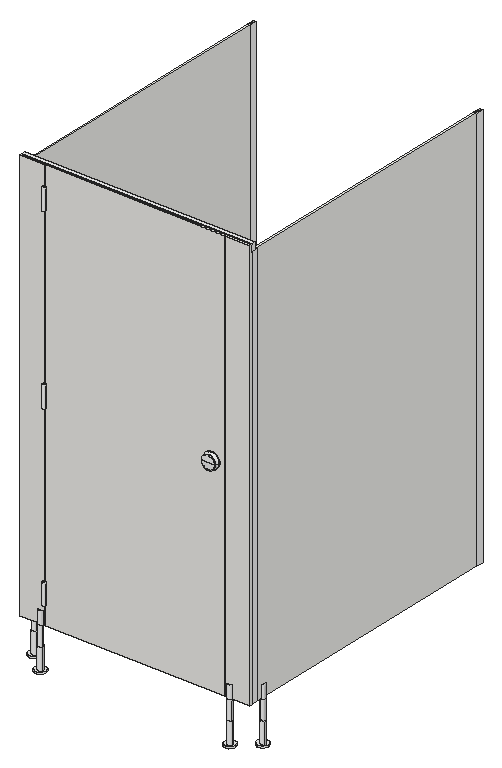
Revit family "Alsanit - Kabiny sanitarne PERSEI - HPL", category Doors, Revit 2020 (continued)
Definition of nested family "front"
  Forms (mm)
    Revolve 3, solid, material <- "Materiał okuć", visible <- "Drzwi zewnętrzne", detail levels fine
      sketch origin (-489.895, -19, 1200) x (-1, 0, 0) y (0, 0, 1)
        loop
          line (-32.895, -43.25) -> (-39.895, -43.25) -> (-39.895, -136.75) -> (-32.895, -136.75) -> (-32.895, -43.25)
        loop
          line (-32.895, -833.25) -> (-39.895, -833.25) -> (-39.895, -926.75) -> (-32.895, -926.75) -> (-32.895, -833.25)
        loop
          line (-32.895, 746.75) -> (-39.895, 746.75) -> (-39.895, 653.25) -> (-32.895, 653.25) -> (-32.895, 746.75)
        axis (-39.895, 746.75) -> (-39.895, -926.75)
      angle from 0 to 360
    Revolve 4, solid, material <- "Materiał okuć", detail levels fine
      sketch origin (0, 0, 1110) x (1, 0, 0) y (0, 1, 0)
        loop
          line (393, 0) -> (427.5, 0)
          arc (427.5, 0) -> (427.854, 0.146) -> (428, 0.5) r 0.5
          line (428, 0.5) -> (428, 1.573)
          arc (428, 1.573) -> (427.926, 1.96) -> (427.715, 2.292) r 1.052
          arc (427.715, 2.292) -> (425.25, 6.533) -> (424.895, 11.425) r 10.896
          arc (424.895, 11.425) -> (424.781, 11.826) -> (424.402, 12) r 0.499
          line (424.402, 12) -> (393, 12) -> (393, 0)
        axis (393, 12) -> (393, 0)
      angle from 0 to 360
    Sweep 5, solid, material <- "Materiał okuć", detail levels fine
      path origin (366, -1524, 1110) x (-1, 0, 0) y (0, -1, 0)
        loop
          line (-84, -1533) -> (-84, -1538)
      profile origin (450, 11.5, 1110) x (-1, 0, 0) y (0, 0, 1)
        loop
          line (48.128, 23.373) -> (-4.314, 8.829)
          arc (-4.314, 8.829) -> (-11.028, 0) -> (-4.314, -8.829) r 9.162
          line (-4.314, -8.829) -> (48.128, -23.373)
          arc (48.128, -23.373) -> (82, 0) -> (48.128, 23.373) r 25
    Extrusion 6, solid, material <- "Materiał okuć", detail levels fine
      sketch origin (0, 0, 0) x (1, 0, 0) y (0, 0, 1)
        loop
          line (-9.496, 1782.645) -> (-9.496, 1777.392) -> (9.496, 1777.392) -> (9.496, 1782.645)
          arc (9.496, 1782.645) -> (4.682, 1788.517) -> (5.976, 1795.998) r 9.126
          arc (5.976, 1795.998) -> (0, 1807.33) -> (-5.976, 1795.998) r 7.241
          arc (-5.976, 1795.998) -> (-4.682, 1788.517) -> (-9.496, 1782.645) r 9.126
      from -9 to 0
    Extrusion 7, solid, material <- "Materiał okuć", detail levels fine
      sketch origin (42.235, -68.236, -0.053) x (-0.601815, 0.798636, 0) y (0, 0, -1)
        loop
          arc (104.856, -1789.865) -> (110.41, -1793.768) -> (114.787, -1788.58) r 5.027
          arc (114.787, -1788.58) -> (112.823, -1783.23) -> (108.108, -1780.03) r 9.3
          arc (108.108, -1780.03) -> (100.618, -1778.3) -> (92.979, -1777.445) r 66.588
          line (92.979, -1777.445) -> (85.678, -1777.445) -> (85.678, -1782.715)
          arc (85.678, -1782.715) -> (92.474, -1781.484) -> (99.218, -1782.976) r 17.523
          arc (99.218, -1782.976) -> (102.86, -1785.747) -> (104.856, -1789.865) r 9.85
      from 0 to -7.113
    Extrusion 8, solid, material <- "Materiał okuć", detail levels fine
      sketch origin (-42.235, -68.236, -0.053) x (0.601815, 0.798636, 0) y (0, 0, 1)
        loop
          arc (104.856, 1789.865) -> (102.86, 1785.747) -> (99.218, 1782.976) r 9.85
          arc (99.218, 1782.976) -> (92.474, 1781.484) -> (85.678, 1782.715) r 17.523
          line (85.678, 1782.715) -> (85.678, 1777.445) -> (92.979, 1777.445)
          arc (92.979, 1777.445) -> (100.618, 1778.3) -> (108.108, 1780.03) r 66.588
          arc (108.108, 1780.03) -> (112.823, 1783.23) -> (114.787, 1788.58) r 9.3
          arc (114.787, 1788.58) -> (110.41, 1793.768) -> (104.856, 1789.865) r 5.027
      from 0 to -7.113
    Revolve 9, solid, material <- "Materiał okuć", visible <- "Drzwi wewnętrzne", detail levels fine
      sketch origin (-489.895, 7, 1200) x (-1, 0, 0) y (0, 0, -1)
        loop
          line (-32.895, 43.25) -> (-32.895, 136.75) -> (-39.895, 136.75) -> (-39.895, 43.25) -> (-32.895, 43.25)
        loop
          line (-32.895, 833.25) -> (-32.895, 926.75) -> (-39.895, 926.75) -> (-39.895, 833.25) -> (-32.895, 833.25)
        loop
          line (-32.895, -746.75) -> (-32.895, -653.25) -> (-39.895, -653.25) -> (-39.895, -746.75) -> (-32.895, -746.75)
        axis (-39.895, -746.75) -> (-39.895, 926.75)
      angle from 0 to 360
    Revolve 10, solid, material <- "Materiał okuć", detail levels fine
      sketch origin (0, 0, 1110) x (1, 0, 0) y (0, 1, 0)
        loop
          line (461.5, 0) -> (469.5, 0) -> (469.5, 20) -> (448.5, 20) -> (448.5, 15) -> (463.5, 15) -> (463.5, 9) -> (461.5, 9) -> (461.5, 0)
        axis (469.5, 0) -> (469.5, 20)
      angle from 0 to 360
    Sweep 11, solid, material <- "Materiał okuć", detail levels fine
      path origin (0, 0, 0) x (1, 0, 0) y (0, 1, 0)
        loop
          line (393, 14) -> (393, 44)
      profile origin (393, 29, 0) x (-1, 0, 0) y (0, 0, 1)
        loop
          arc (-51.405, 1103.884) -> (-15, 1099) -> (21.405, 1103.884) r 138.125
          arc (21.405, 1103.884) -> (25, 1110) -> (21.405, 1116.116) r 7
          arc (21.405, 1116.116) -> (-15, 1121) -> (-51.405, 1116.116) r 138.125
          arc (-51.405, 1116.116) -> (-55, 1110) -> (-51.405, 1103.884) r 7
    Sweep 12, void
      path in 3D
        loop
          arc (371.595, 44, 1116.116) -> (368, 44, 1110) -> (371.595, 44, 1103.884) r 7
          arc (371.595, 44, 1103.884) -> (408, 44, 1099) -> (444.405, 44, 1103.884) r 138.125
          arc (444.405, 44, 1103.884) -> (448, 44, 1110) -> (444.405, 44, 1116.116) r 7
          arc (444.405, 44, 1116.116) -> (408, 44, 1121) -> (371.595, 44, 1116.116) r 138.125
      profile origin (408, 44, 1121) x (0, 0, 1) y (0, 1, 0)
        loop
          line (0, -8) -> (0, 0) -> (-4, 0)
          arc (-4, 0) -> (-1.056, -3.528) -> (0, -8) r 10
  Cuts and joins
    Sweep 12 cuts Sweep 11
    joined: Revolve 4, Sweep 5, Sweep 11
    joined: Extrusion 6, Extrusion 7, Extrusion 8
  Lines and regions (mm)
    symbolic lines, visible <- "Drzwi zewnętrzne"
      curve 1: line (-450, -12, 0) -> (-450, -912, 0)
      curve 2: line (-450, -12, 0) -> (450, -12, 0)
      curve 3: arc (-450, -912, 0) -> (186.396, -648.396, 0) -> (450, -12, 0) r 900
    symbolic lines, visible <- "Drzwi wewnętrzne"
      curve 4: line (-450, 0, 0) -> (-450, 900, 0)
      curve 5: line (-450, 0, 0) -> (450, 0, 0)
      curve 6: arc (450, 0, 0) -> (186.396, 636.396, 0) -> (-450, 900, 0) r 900
    sketch lines
      curve 7: arc (444.405, 44, 1116.116) -> (408, 44, 1121) -> (371.595, 44, 1116.116) r 138.125
      curve 8: arc (444.405, 44, 1103.884) -> (448, 44, 1110) -> (444.405, 44, 1116.116) r 7
      curve 9: arc (371.595, 44, 1103.884) -> (408, 44, 1099) -> (444.405, 44, 1103.884) r 138.125
      curve 10: arc (371.595, 44, 1116.116) -> (368, 44, 1110) -> (371.595, 44, 1103.884) r 7
  Dimensions and locks
    "Wysokość dolnej szczeliny": plane 5 to plane 2
    "Wysokość drzwi": plane 6 to plane 2
    "Grubość ścianki": plane 4 to plane 1 "Center (Front/Back)"
    locked: plane 9 to plane 7 at 57
    "Szerokość drzwi": plane 8 to plane 7
    equal spacing: plane 8, plane 3 "Center (Left/Right)", plane 7
    locked: plane 4 to plane 10 at 7
    locked: plane 9 to plane 15 at 76.5
    plane 6 to plane 16 to plane 17 = 83.25 mm locked, 93.50 mm locked
    locked: plane 14 to level at 1110
    "Szerokość drzwi": plane 4 to plane 18
    "Szerokość drzwi": plane 1 "Center (Front/Back)" to plane 19
    locked: plane 12 to plane 13 at 5
    locked: plane 1 "Center (Front/Back)" to plane 13 at 9
    locked: plane 20 to plane 12 at 22
    locked: plane 21 to plane 20 at 8
    locked: Revolve 2 sketch curve to Revolve 2 sketch curve at 27.488
    locked: Revolve 2 sketch curve to Revolve 2 sketch curve at 22
    locked: Revolve 2 sketch curve to Revolve 2 sketch curve at 20.076
    locked: Revolve 2 sketch curve to Revolve 2 sketch curve at 35
    locked: Revolve 2 sketch curve to Revolve 2 sketch curve at 30
    locked: Revolve 2 sketch curve to Revolve 2 sketch curve at 0.793
    locked: Revolve 2 sketch curve to Revolve 2 sketch curve at 1.53
    locked: Revolve 2 sketch curve to Revolve 2 sketch curve at 18.71
    aligned and locked: level to plane 2
    aligned and locked: plane 6 to Sweep 1 sketch curve
    aligned and locked: plane 3 "Center (Left/Right)" to Sweep 1 sketch curve
    aligned and locked: plane 5 to Sweep 1 sketch curve
    aligned and locked: Sweep 1 sketch curve to plane 8
    aligned and locked: Sweep 1 sketch curve to plane 7
    aligned and locked: plane 8 to Revolve 3 sketch curve  (x2)
    aligned and locked: Sweep 1 sketch curve to plane 4
    aligned and locked: plane 13 to Sweep 5 sketch curve
    aligned and locked: plane 12 to Sweep 5 sketch curve
    aligned and locked: plane 7 to Sweep 5 sketch curve
    aligned and locked: plane 13 to Extrusion 6
    aligned and locked: plane 1 "Center (Front/Back)" to Extrusion 6
    aligned and locked: plane 15 to Revolve 10 sketch curve
    aligned and locked: Revolve 10 sketch curve to plane 15
    aligned and locked: plane 17 to Revolve 3 sketch curve
    aligned and locked: Revolve 3 sketch curve to plane 16
    aligned and locked: plane 8 to curve 1
    aligned and locked: curve 2 to plane 4
    aligned and locked: plane 7 to curve 2
    aligned and locked: plane 18 to curve 1
    aligned and locked: curve 4 to plane 8
    aligned and locked: plane 1 "Center (Front/Back)" to curve 5
    aligned and locked: plane 7 to curve 5
    aligned and locked: plane 12 to Sweep 11 sketch curve
    aligned and locked: plane 21 to Sweep 11 sketch curve
    aligned and locked: Revolve 2 sketch curve to plane 4
  Automatic sketch dimensions
    plane 8 to Revolve 3 sketch curve = 0.00 mm  (x2)
    Revolve 3 sketch curve to Revolve 3 sketch curve = 7.00 mm  (x3)
    Revolve 3 sketch curve to plane 5 = 85.25 mm
    Revolve 3 sketch curve to Revolve 3 sketch curve = 93.50 mm
    Revolve 3 sketch curve to Revolve 3 sketch curve = 31.50 mm
    Revolve 3 sketch curve to Revolve 3 sketch curve = 20.00 mm
    Extrusion 6 sketch curve to plane 3 "Center (Left/Right)" = 0.00 mm
    Extrusion 6 sketch curve to plane 3 "Center (Left/Right)" = 9.496 mm
    Extrusion 6 sketch curve to Extrusion 6 sketch curve = 4.01 mm  (x2)
    plane 3 "Center (Left/Right)" to Extrusion 6 sketch curve = 9.496 mm
    Extrusion 6 sketch curve to plane 6 = 252.608 mm
    Extrusion 6 sketch curve to Extrusion 6 sketch curve = 5.253 mm  (x2)
    Extrusion 6 sketch curve to Extrusion 6 sketch curve = 8.198 mm  (x2)
    Extrusion 6 sketch curve to Extrusion 6 sketch curve = 9.245 mm
    Extrusion 6 sketch curve to Extrusion 6 sketch curve = 0.00 mm
    Extrusion 7 sketch curve to plane 6 = 252.608 mm
    Extrusion 7 sketch curve to Extrusion 7 sketch curve = 3.724 mm
    Extrusion 7 sketch curve to Extrusion 7 sketch curve = 6.458 mm
    Extrusion 7 sketch curve to Extrusion 7 sketch curve = 7.301 mm
    Extrusion 7 sketch curve to Extrusion 7 sketch curve = 3.101 mm
    Extrusion 7 sketch curve to Extrusion 7 sketch curve = 10.258 mm
    Extrusion 7 sketch curve to Extrusion 7 sketch curve = 4.27 mm
    Extrusion 7 sketch curve to Extrusion 7 sketch curve = 5.269 mm
    Extrusion 7 sketch curve to Extrusion 7 sketch curve = 11.338 mm
    Extrusion 7 sketch curve to Extrusion 7 sketch curve = 0.173 mm
    Extrusion 7 sketch curve to Extrusion 7 sketch curve = 3.03 mm
    Extrusion 7 sketch curve to Extrusion 7 sketch curve = 7.018 mm
    Extrusion 7 sketch curve to Extrusion 7 sketch curve = 44.934 mm
    Extrusion 7 sketch curve to Extrusion 7 sketch curve = 0.00 mm  (x3)
    Extrusion 8 sketch curve to plane 6 = 252.608 mm
    Extrusion 8 sketch curve to Extrusion 8 sketch curve = 3.724 mm
    Extrusion 8 sketch curve to Extrusion 8 sketch curve = 6.458 mm
    Extrusion 8 sketch curve to Extrusion 8 sketch curve = 7.301 mm
    Extrusion 8 sketch curve to Extrusion 8 sketch curve = 3.101 mm
    Extrusion 8 sketch curve to Extrusion 8 sketch curve = 10.258 mm
    Extrusion 8 sketch curve to Extrusion 8 sketch curve = 4.27 mm
    Extrusion 8 sketch curve to Extrusion 8 sketch curve = 5.269 mm
    Extrusion 8 sketch curve to Extrusion 8 sketch curve = 11.338 mm
    Extrusion 8 sketch curve to Extrusion 8 sketch curve = 0.173 mm
    Extrusion 8 sketch curve to Extrusion 8 sketch curve = 3.03 mm
    Extrusion 8 sketch curve to Extrusion 8 sketch curve = 7.018 mm
    Extrusion 8 sketch curve to Extrusion 8 sketch curve = 44.934 mm
    Extrusion 8 sketch curve to Extrusion 8 sketch curve = 0.00 mm  (x3)
    plane 8 to Revolve 9 sketch curve = 0.00 mm  (x4)
    Revolve 9 sketch curve to Revolve 9 sketch curve = 7.00 mm  (x3)
    Revolve 9 sketch curve to plane 6 = 83.25 mm
    Revolve 9 sketch curve to Revolve 9 sketch curve = 93.50 mm
    plane 14 to Revolve 9 sketch curve = 46.75 mm
    Revolve 9 sketch curve to plane 14 = 46.75 mm
    Revolve 9 sketch curve to plane 5 = 178.75 mm
    Revolve 9 sketch curve to plane 5 = 85.25 mm
    Revolve 9 sketch curve to Revolve 9 sketch curve = 20.00 mm
    Revolve 9 sketch curve to Revolve 9 sketch curve = 31.50 mm
    plane 14 to Revolve 3 sketch curve = 46.75 mm
    Revolve 3 sketch curve to plane 14 = 46.75 mm
    plane 1 "Center (Front/Back)" to Sweep 1 sketch curve = 0.00 mm
    plane 1 "Center (Front/Back)" to Revolve 10 sketch curve = 0.00 mm
    Revolve 10 sketch curve to plane 13 = 0.00 mm
    plane 12 to Revolve 10 sketch curve = 1.00 mm
    plane 15 to Revolve 10 sketch curve = 6.00 mm
    Revolve 10 sketch curve to Revolve 10 sketch curve = 2.00 mm
    Revolve 10 sketch curve to plane 7 = 1.50 mm
    plane 12 to Revolve 10 sketch curve = 6.00 mm
    Revolve 10 sketch curve to plane 12 = 4.00 mm
    Revolve 10 sketch curve to Revolve 10 sketch curve = 15.00 mm
    Revolve 4 sketch curve to plane 9 = 0.00 mm  (x2)
    plane 1 "Center (Front/Back)" to Revolve 4 sketch curve = 0.00 mm
    Revolve 4 sketch curve to plane 12 = 2.499 mm
    Revolve 4 sketch curve to plane 7 = 25.598 mm
    Revolve 4 sketch curve to plane 1 "Center (Front/Back)" = 1.573 mm
    Revolve 4 sketch curve to Revolve 4 sketch curve = 2.547 mm
    Revolve 4 sketch curve to Revolve 4 sketch curve = 0.552 mm
    Revolve 4 sketch curve to plane 1 "Center (Front/Back)" = 0.50 mm
    Revolve 4 sketch curve to plane 12 = 4.252 mm
    Revolve 4 sketch curve to Revolve 4 sketch curve = 7.661 mm
    Revolve 4 sketch curve to plane 12 = 2.00 mm
    Revolve 4 sketch curve to Revolve 4 sketch curve = 0.00 mm
    Revolve 4 sketch curve to plane 10 = 49.00 mm
    Revolve 4 sketch curve to Revolve 4 sketch curve = 10.00 mm
    Revolve 2 sketch curve to plane 9 = 0.00 mm  (x2)
    plane 9 to Revolve 2 sketch curve = 3.903 mm
    Revolve 2 sketch curve to Revolve 2 sketch curve = 1.135 mm
    Revolve 2 sketch curve to Revolve 2 sketch curve = 0.58 mm
    Revolve 2 sketch curve to Revolve 2 sketch curve = 0.81 mm
    Revolve 2 sketch curve to Revolve 2 sketch curve = 0.00 mm
    Revolve 2 sketch curve to Revolve 2 sketch curve = 44.00 mm
    Revolve 2 sketch curve to Revolve 2 sketch curve = 10.00 mm
    Sweep 5 sketch curve to profile plane = 0.00 mm  (x2)
    profile plane to Sweep 5 sketch curve = 4.314 mm  (x2)
    profile plane to Sweep 5 sketch curve = 1.866 mm
    Sweep 5 sketch curve to profile plane = 48.128 mm
    Sweep 5 sketch curve to Sweep 5 sketch curve = 0.00 mm
    Sweep 5 sketch curve to Sweep 5 sketch curve = 8.872 mm
    Sweep 5 sketch curve to profile plane = 8.829 mm
    Sweep 5 sketch curve to profile plane = 23.373 mm
    Sweep 11 sketch curve to plane 9 = 0.00 mm
    profile plane to Sweep 11 sketch curve = 48.00 mm
    profile plane to Sweep 11 sketch curve = 15.00 mm  (x2)
    Sweep 11 sketch curve to profile plane = 18.00 mm
    level to Sweep 11 sketch curve = 982.875 mm
    Sweep 11 sketch curve to Sweep 11 sketch curve = 127.125 mm  (x2)
    Sweep 11 sketch curve to Sweep 11 sketch curve = 0.00 mm
    Sweep 11 sketch curve to Sweep 11 sketch curve = 3.405 mm  (x3)
    Sweep 11 sketch curve to Sweep 11 sketch curve = 6.116 mm
    Sweep 12 sketch curve to profile plane = 0.00 mm
    profile plane to Sweep 12 sketch curve = 0.00 mm
    Sweep 12 sketch curve to profile plane = 8.00 mm
    profile plane to Sweep 12 sketch curve = 10.00 mm
    Revolve 2 sketch curve to Revolve 2 sketch curve = 2.566 mm
Types (2, lengths in mm): name | Thickness | Odsunięcie lewej ścianki od osi (min. 70 mm) | Szerokość zewnętrzna modułu | Prawe odsunięcie osi | Lewe odsunięcie osi | Grubość ścianki
  10 mm | 10.00 | 102.00 | 1026.00 | 8.00 | 8.00 | 10.00
  12 mm | 12.00 | 104.00 | 1030.00 | 9.00 | 9.00 | 12.00
